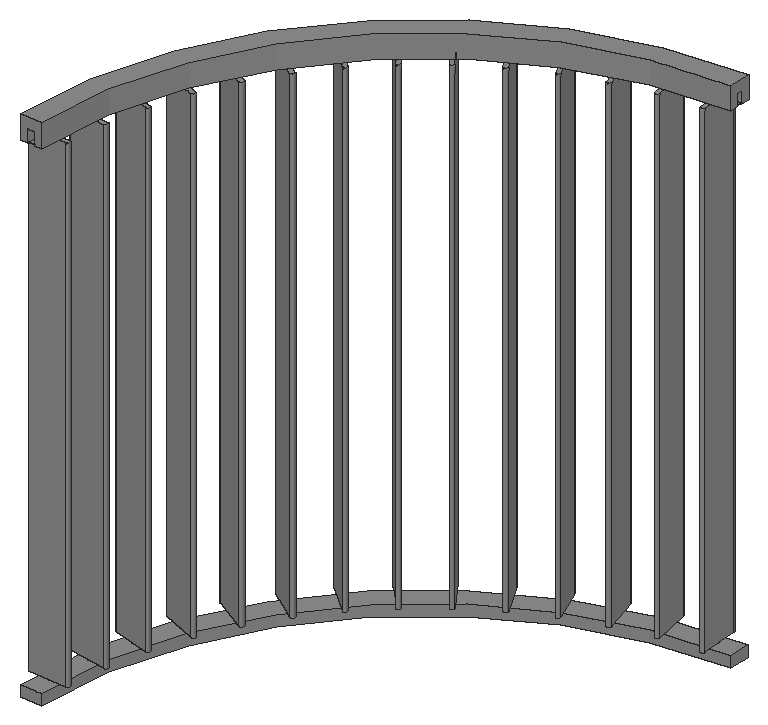
Revit family "Haworth_Pergola_Slat_Painted_Radial", category Furniture Systems, Revit 2018
Family settings
  Round Connector Dimension = Use Diameter
  Part Type = Normal
  OmniClass Number = 23.40.70.14.64.21
  OmniClass Title = Systems Furniture
  Work Plane-Based = No
  Always vertical = Yes
  Cut with Voids When Loaded = No
  Shared = No
  Room Calculation Point = No
Parameters (values of type "72 in. radius")
  Warranty = "http://www.haworth.com/resources/product-info/warranties"
  URL - Product = "https://www.haworth.com/na/en/inspiration/pergola.html"
  URL = "http://www.haworth.com"
  Trim Finish = Haworth _ Paint _ Undecided _ Pergola
  Standard Radius = "72 in."  # constant formula
  Slat Finish = Haworth _ Paint _ Undecided _ Pergola
  Slat Count = ((Actual Width - (End Slat Offset * 2)) / 6") + 1  # 12
  Slat Center Offset = Actual Width - 5/256"  # 71 251/256"
  Slat Angle - 90 Deg. [instance] = and(not([Slat Angle - 45 Deg.]), not([Slat Angle - 60 Deg.]))  # yes
  Slat Angle - 60 Deg. [instance] = no
  Slat Angle - 45 Deg. [instance] = no
  End Slat Offset = 3"  # constant formula
  End RP Angle = 2.33°  # constant formula
  Bracket Thickness = 25/128"  # constant formula
  Sustainability Info = "http://www.haworth.com/company-info/sustainablility"
  Model = "Haworth Pergola"  # constant formula
  Description = "Haworth - Pergola Slat - Painted Radial"  # constant formula
  Base Height = 2"  # constant formula
  Array Count = 19  # constant formula
  Actual Depth = 4"  # constant formula
  Size = "Verify Final Dim. w/ Haworth"  # constant formula
  Revision Number = "1"  # constant formula
  Min. Width = 48"  # constant formula
  Max. Width = 72"  # constant formula
  Min. Height = 89 1/2"  # constant formula
  Max. Height = 89 1/2"  # constant formula
  Manufacturer = "Haworth"  # constant formula
  Author = "Haworth (Alias)"  # constant formula
  Assembly Code = "E2020200"
  Actual Width = 72"  # constant formula
  Actual Height = 89 1/2"  # constant formula
Reference planes (in)
  plane 1 "Center F/B": y = 0
  plane 2 "Bottom": z = 0.5
  plane 3 "Center L/R": x = 1.5
  plane 4 "Top": z = 92
  plane 5 "Base Top": z = 2.5
  plane 6 "End Left Slat": x = -67.5
  plane 7: through (-75.62626, 3.14376, 48) normal (0.0407, 0.9992, 0)
  plane 8: through (1.28788, -5.20434, 48) normal (-0.9992, 0.0407, 0)
  plane 9: through (-1.63838, 77.12648, 48) normal (0.9992, 0.0407, 0)
  plane 10: through (-13.51305, -0.61191, 48) normal (-0.0407, 0.9992, 0)
  plane 11: through (-70.91521, 11.00325, 48) normal (-0.5736, 0.8192, 0)
  plane 12: through (-69.22631, 19.04957, 48) normal (-0.4848, 0.8746, 0)
  plane 13: through (-66.64653, 26.85599, 48) normal (-0.3907, 0.9205, 0)
  plane 14: through (-63.20835, 34.32422, 48) normal (-0.2756, 0.9613, 0)
  plane 15: through (-58.95507, 41.36021, 48) normal (-0.1678, 0.9858, 0)
  plane 16: through (-53.94025, 47.87535, 48) normal (-0.0563, 0.9984, 0)
  plane 17: through (-48.22704, 53.78761, 48) normal (0.0559, 0.9984, 0)
  plane 18: through (-41.88739, 59.02252, 48) normal (0.1674, 0.9859, 0)
  plane 19: through (-35.00112, 63.51417, 48) normal (0.2768, 0.9609, 0)
  plane 20: through (-27.65497, 67.20599, 48) normal (0.3827, 0.9239, 0)
  plane 21: through (-19.94143, 70.05149, 48) normal (0.4838, 0.8752, 0)
  plane 22: through (-11.95765, 72.01485, 48) normal (0.5788, 0.8154, 0)
  plane 23: through (-1.19216, 70.73572, 48) normal (-0.6666, -0.7454, 0)
  plane 24: through (-47.65328, 2.85264, 48) normal (-0.646, 0.7634, 0)
  plane 25: through (-46.39978, 11.39472, 48) normal (-0.5028, 0.8644, 0)
  plane 26: through (-43.674, 19.58669, 48) normal (-0.3441, 0.9389, 0)
  plane 27: through (-39.55969, 27.17687, 48) normal (-0.1749, 0.9846, 0)
  plane 28: through (-34.18326, 33.93205, 48) normal (-0.0003, 1, 0)
  plane 29: through (-27.7099, 39.64466, 48) normal (0.1744, 0.9847, 0)
  plane 30: through (-20.3385, 44.1392, 48) normal (0.3436, 0.9391, 0)
  plane 31: through (-9.26575, 45.5175, 48) normal (-0.5023, -0.8647, 0)
  plane 32: through (-3.82817, 48.96334, 48) normal (0.6456, 0.7637, 0)
  plane 33: x = -70.49646
  plane 34: y = 71.96861
  plane 35: x = -46.48124
  plane 36: y = 48.00017
  plane 37: y = 48.59958
  plane 38: y = 47.40076
  plane 39: x = -68.51577
  plane 40: x = -72.51577
Forms (in)
  Sweep 1, solid, material "Haworth _ Paint _ Undecided _ Pergola" <- "Trim Finish"
    path origin (0, 0, 92) x (-1, 0, 0) y (0, -1, 0)
      loop
        arc (70.5, 0) -> (49.41169, -50.91169) -> (-1.5, -72) r 72
    profile origin (-49.41169, 50.91169, 92) x (-0.707107, 0.707107, 0) y (0, 0, 1)
      loop
        line (0.62926, 0) -> (0.62926, 0.0689) -> (-0.60209, 0.0689) -> (-0.60209, 0) -> (0.62926, 0)
  Revolve 2, solid, material "Haworth _ Paint _ Undecided _ Pergola" <- "Trim Finish"
    sketch origin (0, 0, 0) x (1, 0, 0) y (0, 0, 1)
      loop
        line (-72.51577, 2.5) -> (-72.51577, 0.5) -> (-68.51577, 0.5) -> (-68.51577, 2.5) -> (-72.51577, 2.5)
      axis (1.5, 0.5) -> (1.5, 2.5)
    angle from 90 to 0
Lines and regions (in)
  Masking region 1
    outline origin (0, 0, 0.5) x (1, 0, 0) y (0, 1, 0)
      loop
        arc (1.5, 74.01577) -> (-50.83705, 52.33705) -> (-72.51577, 0) r 74.01577
        line (-72.51577, 0) -> (-68.51577, 0)
        arc (-68.51577, 0) -> (-48.00862, 49.50862) -> (1.5, 70.01577) r 70.01577
        line (1.5, 70.01577) -> (1.5, 74.01577)
Dimensions and locks (in)
  plane 5 "Base Top" to level = 2 1/2"
  "Actual Height": plane 4 "Top" to plane 5 "Base Top"
  equal spacing: plane 37, plane 36, plane 38
  angle plane 7 to plane 1 "Center F/B" = 2.334°
  "End RP Angle": angle plane 3 "Center L/R" to plane 9
  aligned and locked: plane 33 to nested 15
Automatic sketch dimensions
  Sweep 1 sketch curve to plane 3 "Center L/R" = 0"
  plane 1 "Center F/B" to Sweep 1 sketch curve = 0"
  plane 4 "Top" to Sweep 1 sketch curve = 0"
  plane 4 "Top" to Sweep 1 sketch curve = 0.0689"
  profile plane to Sweep 1 sketch curve = 0.60209"
  Sweep 1 sketch curve to profile plane = 0.62926"
  plane 6 "End Left Slat" to Sweep 1 sketch curve = 3"
  plane 1 "Center F/B" to Masking region 1 sketch curve = 0"
  Masking region 1 sketch curve to plane 3 "Center L/R" = 0"
  Masking region 1 sketch curve to plane 34 = 1.95284"
  plane 34 to Masking region 1 sketch curve = 2.04716"
  Revolve 2 sketch curve to plane 5 "Base Top" = 0"
  Revolve 2 sketch curve to plane 40 = 0"
  Revolve 2 sketch curve to plane 39 = 0"
  Revolve 2 sketch curve to plane 3 "Center L/R" = 0"
  Revolve 2 sketch curve to plane 2 "Bottom" = 0"
  Revolve 2 sketch curve to level = 4 1/2"
  plane 4 "Top" to Revolve 2 sketch curve = 16 1/2"
Nested families (in)
  nested 1: "Haworth_Pergola_PaintedSlat_PART" at (-70.28944, 5.51652, 0.5) x (-0.0554, -0.9985, 0) z (0, 0, 1), visible <- "Slat Angle - 45 Deg.", type "Painted Slat"
  nested 2: "Haworth_Pergola_PaintedSlat_PART" at (-69.73494, 10.51612, 0.5) x (0.1736, 0.9848, 0) z (0, 0, 1), visible <- "Slat Angle - 45 Deg.", type "Painted Slat"
  nested 3: "Haworth_Pergola_PaintedSlat_PART" at (-68.13942, 18.43933, 0.5) x (0.2756, 0.9613, 0) z (0, 0, 1), visible <- "Slat Angle - 45 Deg.", type "Painted Slat"
  nested 4: "Haworth_Pergola_PaintedSlat_PART" at (-65.62925, 26.13554, 0.5) x (0.3746, 0.9272, 0) z (0, 0, 1), visible <- "Slat Angle - 45 Deg.", type "Painted Slat"
  nested 5: "Haworth_Pergola_PaintedSlat_PART" at (-62.27923, 33.48724, 0.5) x (0.4848, 0.8746, 0) z (0, 0, 1), visible <- "Slat Angle - 45 Deg.", type "Painted Slat"
  nested 6: "Haworth_Pergola_PaintedSlat_PART" at (-58.12367, 40.42583, 0.5) x (0.5784, 0.8157, 0) z (0, 0, 1), visible <- "Slat Angle - 45 Deg.", type "Painted Slat"
  nested 7: "Haworth_Pergola_PaintedSlat_PART" at (-53.22085, 46.85359, 0.5) x (0.6662, 0.7458, 0) z (0, 0, 1), visible <- "Slat Angle - 45 Deg.", type "Painted Slat"
  nested 8: "Haworth_Pergola_PaintedSlat_PART" at (-47.62665, 52.69167, 0.5) x (0.7455, 0.6665, 0) z (0, 0, 1), visible <- "Slat Angle - 45 Deg.", type "Painted Slat"
  nested 9: "Haworth_Pergola_PaintedSlat_PART" at (-41.41151, 57.86587, 0.5) x (0.8155, 0.5787, 0) z (0, 0, 1), visible <- "Slat Angle - 45 Deg.", type "Painted Slat"
  nested 10: "Haworth_Pergola_PaintedSlat_PART" at (-34.60105, 62.29512, 0.5) x (0.8752, 0.4837, 0) z (0, 0, 1), visible <- "Slat Angle - 45 Deg.", type "Painted Slat"
  nested 11: "Haworth_Pergola_PaintedSlat_PART" at (-27.45517, 65.97514, 0.5) x (0.9239, 0.3826, 0) z (0, 0, 1), visible <- "Slat Angle - 45 Deg.", type "Painted Slat"
  nested 12: "Haworth_Pergola_PaintedSlat_PART" at (-19.82285, 68.77397, 0.5) x (0.961, 0.2767, 0) z (0, 0, 1), visible <- "Slat Angle - 45 Deg.", type "Painted Slat"
  nested 13: "Haworth_Pergola_PaintedSlat_PART" at (-12.03284, 70.76749, 0.5) x (0.9859, 0.1673, 0) z (0, 0, 1), visible <- "Slat Angle - 45 Deg.", type "Painted Slat"
  nested 14: "Haworth_Pergola_PaintedSlat_PART" at (-3.96775, 71.79475, 0.5) x (0.9984, 0.0558, 0) z (0, 0, 1), visible <- "Slat Angle - 45 Deg.", type "Painted Slat"
  nested 15: "Haworth_Pergola_Panel_TopRail_Radial" at (-118, 72.01577, 0.54543), type "Top Rail - 72 in. Radius"
    with 72in Radius yes, 48in Radius no
  nested 16: "Haworth_Pergola_PaintedSlat_PART" at (-69.25473, 5.01914, 0.5) x (-0.7452, -0.6669, 0) z (0, 0, 1), visible <- "Slat Angle - 90 Deg.", type "Painted Slat"
  nested 17: "Haworth_Pergola_PaintedSlat_PART" at (-70.7032, 11.13297, 0.5) x (0.8192, 0.5736, 0) z (0, 0, 1), visible <- "Slat Angle - 90 Deg.", type "Painted Slat"
  nested 18: "Haworth_Pergola_PaintedSlat_PART" at (-69.03789, 19.15401, 0.5) x (0.8746, 0.4848, 0) z (0, 0, 1), visible <- "Slat Angle - 90 Deg.", type "Painted Slat"
  nested 19: "Haworth_Pergola_PaintedSlat_PART" at (-66.4481, 26.94022, 0.5) x (0.9205, 0.3907, 0) z (0, 0, 1), visible <- "Slat Angle - 90 Deg.", type "Painted Slat"
  nested 20: "Haworth_Pergola_PaintedSlat_PART" at (-62.99391, 34.38571, 0.5) x (0.9613, 0.2756, 0) z (0, 0, 1), visible <- "Slat Angle - 90 Deg.", type "Painted Slat"
  nested 21: "Haworth_Pergola_PaintedSlat_PART" at (-58.73478, 41.39771, 0.5) x (0.9858, 0.1678, 0) z (0, 0, 1), visible <- "Slat Angle - 90 Deg.", type "Painted Slat"
  nested 22: "Haworth_Pergola_PaintedSlat_PART" at (-53.71923, 47.88782, 0.5) x (0.9984, 0.0563, 0) z (0, 0, 1), visible <- "Slat Angle - 90 Deg.", type "Painted Slat"
  nested 23: "Haworth_Pergola_PaintedSlat_PART" at (-48.00601, 53.77523, 0.5) x (0.9984, -0.0559, 0) z (0, 0, 1), visible <- "Slat Angle - 90 Deg.", type "Painted Slat"
  nested 24: "Haworth_Pergola_PaintedSlat_PART" at (-41.66708, 58.98511, 0.5) x (0.9859, -0.1674, 0) z (0, 0, 1), visible <- "Slat Angle - 90 Deg.", type "Painted Slat"
  nested 25: "Haworth_Pergola_PaintedSlat_PART" at (-34.7296, 63.43595, 0.5) x (0.9609, -0.2768, 0) z (0, 0, 1), visible <- "Slat Angle - 90 Deg.", type "Painted Slat"
  nested 26: "Haworth_Pergola_PaintedSlat_PART" at (-27.4551, 67.12319, 0.5) x (0.9239, -0.3827, 0) z (0, 0, 1), visible <- "Slat Angle - 90 Deg.", type "Painted Slat"
  nested 27: "Haworth_Pergola_PaintedSlat_PART" at (-19.69415, 69.91478, 0.5) x (0.8752, -0.4838, 0) z (0, 0, 1), visible <- "Slat Angle - 90 Deg.", type "Painted Slat"
  nested 28: "Haworth_Pergola_PaintedSlat_PART" at (-11.77713, 71.8867, 0.5) x (0.8154, -0.5788, 0) z (0, 0, 1), visible <- "Slat Angle - 90 Deg.", type "Painted Slat"
  nested 29: "Haworth_Pergola_PaintedSlat_PART" at (-3.58826, 72.87827, 0.5) x (0.7454, -0.6666, 0) z (0, 0, 1), visible <- "Slat Angle - 90 Deg.", type "Painted Slat"
  nested 30: "Haworth_Pergola_PaintedSlat_PART" at (-69.90463, 5.444, 0.5) x (-0.3119, -0.9501, 0) z (0, 0, 1), visible <- "Slat Angle - 60 Deg.", type "Painted Slat"
  nested 31: "Haworth_Pergola_PaintedSlat_PART" at (-70.1084, 10.63387, 0.5) x (0.4226, 0.9063, 0) z (0, 0, 1), visible <- "Slat Angle - 60 Deg.", type "Painted Slat"
  nested 32: "Haworth_Pergola_PaintedSlat_PART" at (-68.49852, 18.59548, 0.5) x (0.515, 0.8572, 0) z (0, 0, 1), visible <- "Slat Angle - 60 Deg.", type "Painted Slat"
  nested 33: "Haworth_Pergola_PaintedSlat_PART" at (-65.97006, 26.32837, 0.5) x (0.6018, 0.7986, 0) z (0, 0, 1), visible <- "Slat Angle - 60 Deg.", type "Painted Slat"
  nested 34: "Haworth_Pergola_PaintedSlat_PART" at (-62.594, 33.72016, 0.5) x (0.6947, 0.7193, 0) z (0, 0, 1), visible <- "Slat Angle - 60 Deg.", type "Painted Slat"
  nested 35: "Haworth_Pergola_PaintedSlat_PART" at (-58.4108, 40.69208, 0.5) x (0.7698, 0.6382, 0) z (0, 0, 1), visible <- "Slat Angle - 60 Deg.", type "Painted Slat"
  nested 36: "Haworth_Pergola_PaintedSlat_PART" at (-53.47635, 47.15033, 0.5) x (0.8365, 0.548, 0) z (0, 0, 1), visible <- "Slat Angle - 60 Deg.", type "Painted Slat"
  nested 37: "Haworth_Pergola_PaintedSlat_PART" at (-47.84729, 53.01517, 0.5) x (0.8926, 0.4508, 0) z (0, 0, 1), visible <- "Slat Angle - 60 Deg.", type "Painted Slat"
  nested 38: "Haworth_Pergola_PaintedSlat_PART" at (-41.59451, 58.21205, 0.5) x (0.9375, 0.348, 0) z (0, 0, 1), visible <- "Slat Angle - 60 Deg.", type "Painted Slat"
  nested 39: "Haworth_Pergola_PaintedSlat_PART" at (-34.74411, 62.65963, 0.5) x (0.9706, 0.2407, 0) z (0, 0, 1), visible <- "Slat Angle - 60 Deg.", type "Painted Slat"
  nested 40: "Haworth_Pergola_PaintedSlat_PART" at (-27.55649, 66.35338, 0.5) x (0.9915, 0.1305, 0) z (0, 0, 1), visible <- "Slat Angle - 60 Deg.", type "Painted Slat"
  nested 41: "Haworth_Pergola_PaintedSlat_PART" at (-19.88115, 69.16118, 0.5) x (0.9998, 0.0186, 0) z (0, 0, 1), visible <- "Slat Angle - 60 Deg.", type "Painted Slat"
  nested 42: "Haworth_Pergola_PaintedSlat_PART" at (-12.0474, 71.1588, 0.5) x (0.9956, -0.0936, 0) z (0, 0, 1), visible <- "Slat Angle - 60 Deg.", type "Painted Slat"
  nested 43: "Haworth_Pergola_PaintedSlat_PART" at (-3.93838, 72.18523, 0.5) x (0.9789, -0.2045, 0) z (0, 0, 1), visible <- "Slat Angle - 60 Deg.", type "Painted Slat"
Definition of nested family "Haworth_Pergola_PaintedSlat_PART"
  Parameters (values of type "Painted Slat")
    Warranty = "http://www.haworth.com/resources/product-info/warranties"
    URL - Product = ""
    URL = "http://www.haworth.com"
    Trim Finish = none
    Slat Finish = none
    Bracket Thickness = 25/128"  # constant formula
    Sustainability Info = "http://www.haworth.com/company-info/sustainablility"
    Model = "Haworth Pergola"  # constant formula
    Description = "Haworth - Pergola Slat - Painted"  # constant formula
    Base Height = 2"  # constant formula
    Actual Depth = 8"  # constant formula
    Size = "Verify Final Dim. w/ Haworth"  # constant formula
    Revision Number = "1"  # constant formula
    Min. Width = 48"  # constant formula
    Max. Width = 144"  # constant formula
    Min. Height = 89 1/2"  # constant formula
    Max. Height = 89 1/2"  # constant formula
    Manufacturer = "Haworth"  # constant formula
    Author = "Haworth (Alias)"  # constant formula
    Assembly Code = "E2020200"
    Actual Width = 8"  # constant formula
    Actual Height = 89 1/2"  # constant formula
  Reference planes (in)
    plane 1 "Center F/B": y = 0
    plane 2 "Bottom": z = 0
    plane 3 "Center L/R": x = 1.5
    plane 4 "Top": z = 91.5
    plane 5 "Glide Top": z = 2
    plane 6: z = 2.19531
    plane 7: z = 91.30469
    plane 8 "Right": x = 5.5
    plane 9 "Left": x = -2.5
    plane 10 "Back": y = 4
    plane 11 "Front": y = -4
  Forms (in)
    Extrusion 1, solid, material <- "Slat Finish"
      sketch origin (-1.5, 0, 0) x (1, 0, 0) y (0, 1, 0)
        loop
          line (5.78399, -2.22721) -> (0.77337, 2.78341)
          arc (0.77337, 2.78341) -> (0.21659, 2.78341) -> (0.21659, 2.22663) r 0.3937
          line (0.21659, 2.22663) -> (5.22721, -2.78399)
          arc (5.22721, -2.78399) -> (5.78399, -2.78399) -> (5.78399, -2.22721) r 0.3937
      from 2.19531 to 91.30469
    Extrusion 2, solid, material <- "Trim Finish"
      sketch origin (0, 0, 0) x (1, 0, 0) y (0, 1, 0)
        loop
          circle (1.5, 0) r 0.23622
      from 2 to 2.19531
    Extrusion 3, solid, material <- "Trim Finish"
      sketch origin (0, 0, 0) x (1, 0, 0) y (0, 1, 0)
        loop
          circle (1.5, 0) r 0.23622
      from 91.30469 to 91.5
  Lines and regions (in)
    Masking region 1
      outline origin (0, 0, 0) x (1, 0, 0) y (0, 1, 0)
        loop
          line (4.28399, -2.22721) -> (-0.72663, 2.78341)
          arc (-0.72663, 2.78341) -> (-1.28341, 2.78341) -> (-1.28341, 2.22663) r 0.3937
          line (-1.28341, 2.22663) -> (3.72721, -2.78399)
          arc (3.72721, -2.78399) -> (4.28399, -2.78399) -> (4.28399, -2.22721) r 0.3937
    reference lines
      curve 1: line (-1.28341, 2.78341, 0) -> (4.28399, -2.78399, 0)
    symbolic lines
      curve 2: line (4.28399, -2.22721, 0) -> (-0.72663, 2.78341, 0)
      curve 3: line (-1.28341, 2.22663, 0) -> (3.72721, -2.78399, 0)
      curve 4: arc (-0.72663, 2.78341, 0) -> (-1.28341, 2.78341, 0) -> (-1.28341, 2.22663, 0) r 0.3937
      curve 5: arc (3.72721, -2.78399, 0) -> (4.28399, -2.78399, 0) -> (4.28399, -2.22721, 0) r 0.3937
  Dimensions and locks (in)
    "Base Height": plane 5 "Glide Top" to level
    "Bracket Thickness": plane 4 "Top" to plane 7
    "Bracket Thickness": plane 6 to plane 5 "Glide Top"
    "Actual Height": plane 4 "Top" to plane 5 "Glide Top"
    equal spacing: plane 9 "Left", plane 3 "Center L/R", plane 8 "Right"
    "Actual Width": plane 9 "Left" to plane 8 "Right"
    equal spacing: plane 10 "Back", plane 1 "Center F/B", plane 11 "Front"
    "Actual Depth": plane 10 "Back" to plane 11 "Front"
    aligned: plane 4 "Top" to Extrusion 1  (x4)
    aligned: Extrusion 1 to plane 2 "Bottom"
    aligned and locked: level to plane 2 "Bottom"
    aligned and locked: Extrusion 1 to plane 6
    aligned and locked: Extrusion 1 to plane 7
    aligned and locked: plane 1 "Center F/B" to Extrusion 2 sketch curve
    aligned and locked: plane 3 "Center L/R" to Extrusion 2 sketch curve
    aligned and locked: plane 1 "Center F/B" to Extrusion 3 sketch curve
    aligned and locked: plane 3 "Center L/R" to Extrusion 3 sketch curve
    aligned and locked: plane 7 to Extrusion 3
    aligned and locked: plane 4 "Top" to Extrusion 3
    aligned and locked: plane 6 to Extrusion 2
    aligned and locked: Extrusion 2 to plane 5 "Glide Top"
  Automatic sketch dimensions
    Extrusion 1 sketch curve to Extrusion 1 sketch curve = 0.27839"  (x6)
    Masking region 1 sketch curve to Masking region 1 sketch curve = 0.27839"  (x6)
    Extrusion 1 sketch curve to plane 1 "Center F/B" = 2.22663"
    Masking region 1 sketch curve to plane 1 "Center F/B" = 2.22663"
    plane 1 "Center F/B" to Extrusion 1 sketch curve = 2.22721"
    plane 1 "Center F/B" to Masking region 1 sketch curve = 2.22721"
    plane 3 "Center L/R" to Extrusion 1 sketch curve = 2.22721"
    plane 3 "Center L/R" to Masking region 1 sketch curve = 2.22721"
    Extrusion 1 sketch curve to plane 3 "Center L/R" = 2.22663"
    Masking region 1 sketch curve to plane 3 "Center L/R" = 2.22663"
    curve 1 to plane 9 "Left" = 1.21659"
    curve 1 to plane 11 "Front" = 1.21601"
    curve 1 to plane 8 "Right" = 1.21601"
    curve 1 to plane 10 "Back" = 1.21659"
    curve 3 to plane 9 "Left" = 1.21659"
    curve 3 to curve 4 = 0.27839"  (x2)
    curve 4 to curve 2 = 0.27839"
    curve 3 to plane 10 "Back" = 1.77337"
    curve 3 to plane 8 "Right" = 1.77279"
    curve 3 to curve 2 = 0.55678"  (x2)
    curve 2 to plane 11 "Front" = 1.77279"
    curve 5 to curve 5 = 0.27839"
    radius of Extrusion 2 sketch curve = 0.23622"
    radius of Extrusion 3 sketch curve = 0.23622"
Definition of nested family "Haworth_Pergola_Panel_TopRail_Radial"
  Parameters (values of type "Top Rail - 72 in. Radius")
    Warranty = "http://www.haworth.com/resources/product-info/warranties"
    URL - Product = ""
    URL = "http://www.haworth.com"
    Trim Finish = none
    Sustainability Info = "http://www.haworth.com/company-info/sustainablility"
    Standard Width = "48,  72, 96, 120, and 144 in."  # constant formula
    Model = "Haworth Pergola"  # constant formula
    Description = "Haworth - Pergola Panel - Top Rail"  # constant formula
    Actual Depth = 4"  # constant formula
    Size = "Verify Final Dim. w/ Haworth"  # constant formula
    Revision Number = "1"  # constant formula
    Min. Width = 48"  # constant formula
    Max. Width = 144"  # constant formula
    Min. Height = 4"  # constant formula
    Max. Height = 4"  # constant formula
    Manufacturer = "Haworth"  # constant formula
    Author = "Haworth (Bentzen)"  # constant formula
    Assembly Code = "E2020200"
    Actual Height = 4 25/128"  # constant formula
    72in Radius = not([48in Radius])  # no
    48in Radius = yes
  Reference planes (in)
    plane 1 "Bottom": z = 0
    plane 2 "Back": y = 2
    plane 3 "Front": y = -2
    plane 4 "Right": x = 119.5
    plane 5 "Top": z = 95.5
    plane 6 "Left": x = 45.48421
    plane 7 "Underbeam Height": z = 91.30469
    plane 8: y = 0.59915
    plane 9: y = -0.59915
    plane 10: z = 93.54331
    plane 11 "Bottom Front": y = -72.01577
    plane 12: y = 0.58381
    plane 13: y = -0.61501
    plane 14: y = -0.0156
    plane 15: x = 46.90413
    plane 16: x = 48.10295
    plane 17: x = 47.50354
    plane 18: y = -23.41619
    plane 19: y = -24.61501
    plane 20: y = -24.0156
    plane 21 "Bottom Right": x = 49.52287
    plane 22: x = 71.49983
  Forms (in)
    Revolve 1, solid, material <- "Trim Finish", visible <- "72in Radius"
      sketch origin (119.5, 0, 0) x (0, 1, 0) y (0, 0, 1)
        loop
          line (-2, 95.5) -> (-2, 91.30469) -> (-0.59915, 91.30469) -> (-0.59915, 93.54331) -> (0.59915, 93.54331) -> (0.59915, 91.30469) -> (2, 91.30469) -> (2, 95.5) -> (-2, 95.5)
        axis (-72.01577, 91.30469) -> (-72.01577, 95.5)
      angle from 0 to 90
    Revolve 2, solid, material <- "Trim Finish", visible <- "48in Radius"
      sketch origin (119.5, 0, 0) x (0, 1, 0) y (0, 0, 1)
        loop
          line (-22.0156, 91.30469) -> (-22.0156, 95.5) -> (-26.0156, 95.5) -> (-26.0156, 91.30469) -> (-24.61474, 91.30469) -> (-24.61474, 93.54331) -> (-23.41645, 93.54331) -> (-23.41645, 91.30469) -> (-22.0156, 91.30469)
        axis (-72.01577, 91.30469) -> (-72.01577, 95.5)
      angle from 0 to 90
  Lines and regions (in)
    Masking region 1, visible <- "72in Radius"
      outline origin (0, 0, 0) x (1, 0, 0) y (0, 1, 0)
        loop
          arc (119.5, 2) -> (67.16295, -19.67872) -> (45.48423, -72.01577) r 74.01577
          line (45.48423, -72.01577) -> (49.48423, -72.01577)
          arc (49.48423, -72.01577) -> (69.99138, -22.50714) -> (119.5, -2) r 70.01577
          line (119.5, -2) -> (119.5, 2)
    Masking region 2, visible <- "48in Radius"
      outline origin (0, 0, 0) x (1, 0, 0) y (0, 1, 0)
        loop
          line (119.5, -26.0156) -> (119.5, -22.0156)
          arc (119.5, -22.0156) -> (84.14454, -36.66031) -> (69.49983, -72.01577) r 50.00017
          line (69.49983, -72.01577) -> (73.49983, -72.01577)
          arc (73.49983, -72.01577) -> (86.97297, -39.48874) -> (119.5, -26.0156) r 46.00017
  Dimensions and locks (in)
    plane 7 "Underbeam Height" to plane 1 "Bottom" = 91 39/128"
    "Actual Height": plane 5 "Top" to plane 7 "Underbeam Height"
    equal spacing: plane 12, plane 14, plane 13
    equal spacing: plane 15, plane 17, plane 16
    equal spacing: plane 18, plane 20, plane 19
    aligned and locked: level to plane 1 "Bottom"
    aligned and locked: plane 4 "Right" to Masking region 1
  Automatic sketch dimensions
    Masking region 1 sketch curve to plane 4 "Right" = 0"
    plane 3 "Front" to Masking region 1 sketch curve = 0"
    plane 2 "Back" to Masking region 1 sketch curve = 0"
    plane 11 "Bottom Front" to Masking region 1 sketch curve = 0"
    plane 11 "Bottom Front" to Masking region 2 sketch curve = 0"
    Masking region 2 sketch curve to plane 4 "Right" = 0"
    plane 18 to Masking region 2 sketch curve = 1.40059"
    Masking region 2 sketch curve to plane 19 = 1.40059"
    Revolve 1 sketch curve to plane 11 "Bottom Front" = 0"
    Revolve 1 sketch curve to plane 3 "Front" = 0"
    Revolve 1 sketch curve to plane 9 = 0"
    Revolve 1 sketch curve to plane 7 "Underbeam Height" = 0"  (x2)
    Revolve 1 sketch curve to plane 8 = 0"
    Revolve 1 sketch curve to plane 2 "Back" = 0"
    Revolve 1 sketch curve to plane 10 = 0"
    Revolve 1 sketch curve to plane 5 "Top" = 0"
    plane 5 "Top" to Revolve 1 sketch curve = 1/2"
    Revolve 1 sketch curve to Revolve 1 sketch curve = 12"
    Revolve 2 sketch curve to plane 11 "Bottom Front" = 0"
    Revolve 2 sketch curve to plane 5 "Top" = 0"
    Revolve 2 sketch curve to plane 7 "Underbeam Height" = 0"  (x2)
    Revolve 2 sketch curve to plane 10 = 0"
    Revolve 2 sketch curve to plane 19 = 1.40059"
    plane 19 to Revolve 2 sketch curve = 0.00026"
    Revolve 2 sketch curve to plane 18 = 0.00026"
    plane 18 to Revolve 2 sketch curve = 1.40059"
    plane 5 "Top" to Revolve 2 sketch curve = 1/2"
    Revolve 2 sketch curve to Revolve 2 sketch curve = 8 1/2"
